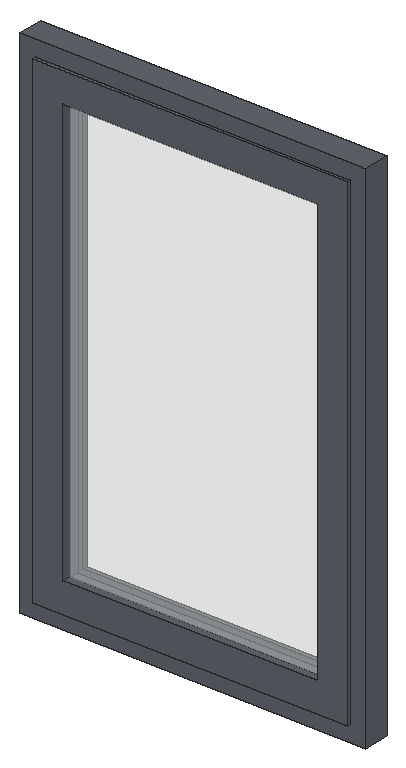
Revit family "Wicline_75_Open_in_standard_single_casement", category Windows, host Wall, Revit 2014
Parameters
  Youtube clip = ""
  Window Offset = 60 mm
  Weight Net (Kg) = 0
  Watertightness = "E900"
  Uniclass 2015 Name = ""
  Uniclass 2015 Code = ""
  Uniclass 2.0 Description = ""
  Uniclass 2.0 Code = ""
  Uniclass 1.4 Description = ""
  Uniclass 1.4 Code = ""
  URL = "http://www.wicona.com"
  UNSPSC Code = ""
  U-value W/m²k = "0.80 W/(m2K)"
  Technical description = ""
  Side Frame 1017115 = no
  Side Frame 1017104 = no
  Side Frame 1017103 = yes
  Side Frame 1017102 = no
  Side Frame 1017101 = not(or(Side Frame 1017102, Side Frame 1017103, Side Frame 1017104, Side Frame 1017115))  # no
  Resistance to wind load = "Class C5/B5"
  Repeated Opening/Closing = "Class 3 (20,000 cycles)"
  Region South America = "None"
  Region Oceania = "None"
  Region North America = "None"
  Region Middle East = "None"
  Region Europe = "AD, AL, AT, AX, BA, BE, BG, BY, CH, CS, CY, CZ, DE, DK, EE, ES, FI, FO, FR, GB, GG, GI, GR, HR, HU, IE, IM, IS, IT, JE, LI, LT, LU, LV, MC, MD, ME, MK, MT, NL, NO, PL, PT, RO, RS, RU, SE, SI, SJ, SK, SM, UA, VA, XK"
  Region Asia = "None"
  Region Antarctica = "None"
  Region Africa = "None"
  Quality Assurance = "Certified according to ISO 9001:2008"
  QR code = "http://bimobject.com/wicona/product/WICLINE_75_TOP_W"
  Product group = "Windows"
  Product family = "Windows & Doors"
  Product data url = "http://bimobject.com/wicona/product/WICLINE_75_TOP_W"
  Product certification = ""
  Product SKU = "WICLINE_75_TOP_W"
  Product Guid = "634b88b1-3b97-4f89-a69a-c855bc4c2ef3"
  Operation = "IFC_WINDOWCASEMENT"
  Operating Forces = "Class 1"
  OmniClass Description = ""
  OmniClass Code = ""
  Nominal width = 100000
  Nominal height = 130000
  NBS Reference Description = ""
  NBS Reference Code = ""
  Model = "Wicline 75 TOP"
  Mechanical Strength = "Class 4"
  Maximum Sash Weight = "150kg as standard design, heavier weights can easily be customised"
  Material secondary = "Glass"
  Material main = "Aluminium"
  Manufacturer name = "Wicona"
  Manufacturer country = "Germany"
  Manufacturer = "Wicona"
  Load Bearing Capacity of Safety Devices = "Passed"
  Leaf Width = Width - 2 * Frame Width  # 850 mm
  Leaf Material = WICONA - Aluminium - RAL7016 - Anthracite Grey - Matt
  Leaf Height = Height - 2 * Frame Width  # 1350 mm
  Installation instructions = ""
  IFC Classification = ""
  Height = 1500 mm
  Handle Material = Aluminium
  Glass Material = WICONA -  Glass
  Frame Width 2 = Frame Width - 25 mm  # 50 mm
  Frame Width = if(Frame 1017001, 48 mm, if(Frame 1017003, 55 mm, if(Frame 1017004, 65 mm, if(Frame 1017005, 75 mm, 85 mm))))  # 75 mm
  Frame Thickness = 75 mm
  Frame Material = WICONA - Aluminium - RAL7016 - Anthracite Grey - Matt
  Frame 1017006 = no
  Frame 1017005 = yes
  Frame 1017004 = no
  Frame 1017003 = no
  Frame 1017001 = not(or(Frame 1017003, Frame 1017004, Frame 1017005, Frame 1017006))  # no
  Edition number = 1
  EN1627 Burglar Resistance = "RC1N, RC2N, RC2, RC3"
  EAN code = ""
  Design country = "Germany"
  Description = "WICONA’s WICLINE 75 TOP is a window system which is equivalent to passive house standards in energy performance. It combines ease of fabrication and the unrivalled quality of conventional aluminium window systems with a 75 mm frame depth and the highest levels thermal performance from one single system."
  Default Sill Height = 800 mm
  Wall Closure = By host
  Width = 1000 mm
  Date of publishing = "3/14/2015"
  COBIe Type Category = ""
  Bullet resistance = "FB4 S, FB4 NS (depending on profile combinations)"
  BIMobject category = ""
  Air Permeability = "Class 5"
  Acoustic = "Rw (C;Ctr) = 47 (-1;-4) dB"
Reference planes
  plane 1 "Center (Front/Back)": y = 0
  plane 2 "Center (Left/Right)": x = 0
  plane 3 "Left": x = -500
  plane 4 "Right": x = 500
  plane 5 "Sill": z = 800
  plane 6 "Head": z = 2300
  plane 7 "Exterior": y = 100
  plane 8 "Interior": y = -100
  plane 9 "alap": y = 40
  plane 10: y = -35
  plane 11: x = -450
  plane 12: x = -425
  plane 13: z = 2225
  plane 14: x = 425
Forms (mm)
  Sweep 1, solid, material "WICONA - Aluminium - RAL7016 - Anthracite Grey - Matt" <- "Frame Material"
    path in 3D
      loop
        line (-500, -100, 2300) -> (500, -100, 2300) -> (500, -100, 800) -> (-500, -100, 800) -> (-500, -100, 2300)
    profile origin (-500, -100, 1550) x (0, -1, 0) y (1, 0, 0)
      loop
        line (-140, 0) -> (-65, 0) -> (-65, 50) -> (-135.5, 50) -> (-135.5, 75) -> (-140, 75) -> (-140, 0)
Lines and regions (mm)
  Opening 1
    outline origin (3500, -100, 0) x (1, 0, 0) y (0, 0, 1)
      loop
        line (-3000, 800) -> (-3000, 2300) -> (-4000, 2300) -> (-4000, 800) -> (-3000, 800)
  sketch lines
    curve 1: line (-500, -100, 800) -> (-500, -100, 2300)
    curve 2: line (-500, -100, 2300) -> (500, -100, 2300)
    curve 3: line (500, -100, 2300) -> (500, -100, 800)
    curve 4: line (500, -100, 800) -> (-500, -100, 800)
  symbolic lines, style "Windows", detail levels coarse
    curve 5: line (-425, 100, 0) -> (-425, -100, 0)
    curve 6: line (425, 100, 0) -> (425, -100, 0)
    curve 7: line (-425, -35, 0) -> (425, -35, 0)
    curve 8: line (-425, 40, 0) -> (425, 40, 0)
Text (mm)
  text "EXTERIOR" at (-1963.203, 1332.353, 0), in view "Ref. Level"
  text "INTERIOR" at (-1981.466, -818.386, 0), in view "Ref. Level"
  text "Exterior" at (0, 923.751, 2943.296), in view "Right"
  text "Exterior" at (0, 1040.484, 2685.409), in view "Left"
Dimensions and locks
  equal spacing: plane 3 "Left", plane 2 "Center (Left/Right)", plane 4 "Right"
  "Width": plane 3 "Left" to plane 4 "Right"
  "Height": plane 5 "Sill" to plane 6 "Head"
  "Default Sill Height": plane 5 "Sill" to level
  locked: plane 7 "Exterior" to host wall at 0
  locked: plane 8 "Interior" to host wall
  "Frame Thickness": plane 9 "alap" to plane 10
  "Frame Width": plane 3 "Left" to plane 12
  "Frame Width 2": plane 3 "Left" to plane 11
  "Window Offset": host wall to plane 9 "alap"
  "Frame Width": plane 14 to plane 4 "Right"
  "Frame Width": plane 13 to plane 6 "Head"
  aligned and locked: nested 1 to plane 9 "alap"
  aligned and locked: nested 2 to plane 4 "Right"
  aligned and locked: plane 9 "alap" to nested 2
  aligned and locked: profile plane to Sweep 1 sketch curve
  aligned and locked: Sweep 1 sketch curve to plane 11
  aligned and locked: Sweep 1 sketch curve to plane 12
  aligned and locked: Sweep 1 sketch curve to plane 9 "alap"
  aligned and locked: plane 10 to Sweep 1 sketch curve
  aligned and locked: Sweep 1 sketch curve to nested 1
  aligned and locked: nested 3 to plane 9 "alap"
  aligned and locked: nested 3 to plane 5 "Sill"
  aligned and locked: nested 4 to plane 6 "Head"
  aligned and locked: plane 9 "alap" to nested 4
  aligned and locked: nested 5 to plane 3 "Left"
  aligned and locked: nested 5 to plane 9 "alap"
  aligned and locked: nested 6 to plane 4 "Right"
  aligned and locked: plane 9 "alap" to nested 6
  aligned and locked: nested 7 to plane 5 "Sill"
  aligned and locked: nested 7 to plane 9 "alap"
  aligned and locked: nested 8 to plane 6 "Head"
  aligned and locked: plane 9 "alap" to nested 8
  aligned and locked: nested 9 to plane 3 "Left"
  aligned and locked: nested 9 to plane 9 "alap"
  aligned and locked: nested 10 to plane 4 "Right"
  aligned and locked: plane 9 "alap" to nested 10
  aligned and locked: nested 11 to plane 5 "Sill"
  aligned and locked: nested 11 to plane 9 "alap"
  aligned and locked: nested 12 to plane 6 "Head"
  aligned and locked: plane 9 "alap" to nested 12
  aligned and locked: nested 13 to plane 3 "Left"
  aligned and locked: nested 13 to plane 9 "alap"
  aligned and locked: nested 14 to plane 4 "Right"
  aligned and locked: plane 9 "alap" to nested 14
  aligned and locked: nested 15 to plane 5 "Sill"
  aligned and locked: nested 15 to plane 9 "alap"
  aligned and locked: nested 16 to plane 6 "Head"
  aligned and locked: plane 9 "alap" to nested 16
  aligned and locked: nested 17 to plane 3 "Left"
  aligned and locked: nested 17 to plane 9 "alap"
  aligned and locked: nested 18 to plane 4 "Right"
  aligned and locked: plane 9 "alap" to nested 18
  aligned and locked: nested 19 to plane 5 "Sill"
  aligned and locked: nested 19 to plane 9 "alap"
  aligned and locked: nested 20 to plane 6 "Head"
  aligned and locked: plane 9 "alap" to nested 20
  aligned and locked: plane 12 to nested 21
  aligned and locked: plane 9 "alap" to nested 21
  aligned and locked: nested 21 to curve 7
  aligned and locked: plane 14 to curve 7
  aligned and locked: curve 7 to plane 10
  aligned and locked: nested 21 to curve 8
  aligned and locked: plane 14 to curve 8
  aligned and locked: curve 8 to plane 9 "alap"
  aligned and locked: plane 13 to nested 21
  aligned and locked: nested 1 to plane 3 "Left"
Automatic sketch dimensions
  Opening 1 sketch curve to plane 3 "Left" = 0 mm
  Opening 1 sketch curve to plane 4 "Right" = 0 mm
  Opening 1 sketch curve to plane 5 "Sill" = 0 mm
  Opening 1 sketch curve to plane 6 "Head" = 0 mm
  host wall to curve 5 = 0 mm
  curve 5 to plane 12 = 0 mm
  host wall to curve 6 = 0 mm
  curve 6 to plane 14 = 0 mm
  curve 6 to host wall = 0 mm
  curve 5 to host wall = 0 mm
Nested families
  nested 1: "Frame_1017001" at (-500, 40, 0), visible <- "Frame 1017001", type "Frame_1017001"
  nested 2: "Frame_1017001" at (500, 40, 0) x (-1, 0, 0) z (0, 0, 1), visible <- "Frame 1017001", type "Frame_1017001"
  nested 3: "Frame_1017001" at (-500, 40, 800) x (0, 0, 1) z (-1, 0, 0), visible <- "Frame 1017001", type "Frame_1017001"
  nested 4: "Frame_1017001" at (500, 40, 2300) x (0, 0, -1) z (-1, 0, 0), visible <- "Frame 1017001", type "Frame_1017001"
  nested 5: "Frame_1017003" at (-500, 40, 0), visible <- "Frame 1017003", type "Frame_1017003"
  nested 6: "Frame_1017003" at (500, 40, 0) x (-1, 0, 0) z (0, 0, 1), visible <- "Frame 1017003", type "Frame_1017003"
  nested 7: "Frame_1017003" at (-500, 40, 800) x (0, 0, 1) z (-1, 0, 0), visible <- "Frame 1017003", type "Frame_1017003"
  nested 8: "Frame_1017003" at (-500, 40, 2300) x (0, 0, -1) z (-1, 0, 0), visible <- "Frame 1017003", type "Frame_1017003"
  nested 9: "Frame_1017004" at (-500, 40, 0), visible <- "Frame 1017004", type "Frame_1017004"
  nested 10: "Frame_1017004" at (500, 40, 0) x (-1, 0, 0) z (0, 0, 1), visible <- "Frame 1017004", type "Frame_1017004"
  nested 11: "Frame_1017004" at (-500, 40, 800) x (0, 0, 1) z (-1, 0, 0), visible <- "Frame 1017004", type "Frame_1017004"
  nested 12: "Frame_1017004" at (-500, 40, 2300) x (0, 0, -1) z (-1, 0, 0), visible <- "Frame 1017004", type "Frame_1017004"
  nested 13: "Frame_1017005" at (-500, 40, 0), visible <- "Frame 1017005", type "Frame_1017005"
  nested 14: "Frame_1017005" at (500, 40, 0) x (-1, 0, 0) z (0, 0, 1), visible <- "Frame 1017005", type "Frame_1017005"
  nested 15: "Frame_1017005" at (-500, 40, 800) x (0, 0, 1) z (-1, 0, 0), visible <- "Frame 1017005", type "Frame_1017005"
  nested 16: "Frame_1017005" at (-500, 40, 2300) x (0, 0, -1) z (-1, 0, 0), visible <- "Frame 1017005", type "Frame_1017005"
  nested 17: "Frame_1017006" at (-500, 40, 0), visible <- "Frame 1017006", type "Frame_1017006"
  nested 18: "Frame_1017006" at (500, 40, 0) x (-1, 0, 0) z (0, 0, 1), visible <- "Frame 1017006", type "Frame_1017006"
  nested 19: "Frame_1017006" at (-500, 40, 800) x (0, 0, 1) z (-1, 0, 0), visible <- "Frame 1017006", type "Frame_1017006"
  nested 20: "Frame_1017006" at (-500, 40, 2300) x (0, 0, -1) z (-1, 0, 0), visible <- "Frame 1017006", type "Frame_1017006"
  nested 21: "Leaf_Wicline75_TOP_vent" at (-425, -35, 875), type "Leaf_Wicline75_TOP_vent"
    with Leaf Width 850 mm, Leaf Height 1350 mm
Definition of nested family "Leaf_Wicline75_TOP_vent"
  Parameters (values of type "Leaf_Wicline75_TOP_vent")
    Sash Profil 1017115 = no
    Sash Profil 1017104 = no
    Sash Profil 1017103 = yes
    Sash Profil 1017102 = no
    Sash Profil 1017101 = no
    Leaf Width = 830 mm
    Leaf Material = Aluminium
    Leaf Height = 1330 mm
    Handle Material = Aluminium
    Glass Offset = if(Sash Profil 1017101, 25.6 mm, if(Sash Profil 1017102, 32.6 mm, if(Sash Profil 1017103, 42.6 mm, if(Sash Profil 1017104, 52.6 mm, if(Sash Profil 1017115, 62.6 mm, 25.6 mm)))))  # 42.6 mm
    Glass Material = Glass
  Reference planes
    plane 1 "Center (Front/Back)": y = 0
    plane 2: z = 0
    plane 3 "Center (Left/Right)": x = 0
    plane 4: x = 830
    plane 5: z = 1330
    plane 6: x = 42.6
    plane 7: x = 787.4
    plane 8: z = 1287.4
    plane 9: z = 42.6
    plane 10: y = 75
    plane 11: x = 57.6
    plane 12: z = 600
    plane 13: x = 21.3
  Forms (mm)
    Sweep 1, solid, material "Aluminium" <- "Leaf Material", detail levels medium+fine
      path origin (0, 0, 0) x (1, 0, 0) y (0, 0, 1)
        loop
          line (0, 0) -> (830, 0) -> (830, 1330) -> (0, 1330) -> (0, 0)
      profile origin (0, 0, 665) x (-1, 0, 0) y (0, -1, 0)
        loop
          line (29.607, 10) -> (-57.6, 10) -> (-57.6, -13.5) -> (-42.6, -13.5) -> (-42.6, -61.5) -> (-57.6, -61.5) -> (-57.6, -75) -> (0, -75) -> (0, -52.5) -> (7.85, -52.5) -> (7.85, 0) -> (29.607, 0) -> (29.607, 10)
    Extrusion 2, solid, material "Glass" <- "Glass Material", detail levels medium+fine
      sketch origin (0, 0, 0) x (1, 0, 0) y (0, 0, 1)
        loop
          line (42.6, 1287.4) -> (42.6, 42.6) -> (787.4, 42.6) -> (787.4, 1287.4) -> (42.6, 1287.4)
      from -61.5 to -13.5
  Lines and regions (mm)
    symbolic lines, style "GenericModel", detail levels medium+fine
      curve 1: line (57.6, 75, 0) -> (772.4, 75, 0)
      curve 2: line (57.6, -10, 0) -> (772.4, -10, 0)
      curve 3: line (0, -10, 1287.4) -> (0, -10, 42.6)
      curve 4: line (0, 75, 1287.4) -> (0, 75, 42.6)
      curve 5: line (42.6, 56.5, 0) -> (787.4, 56.5, 0)
      curve 6: line (42.6, 40.5, 0) -> (787.4, 40.5, 0)
      curve 7: line (42.6, 35.5, 0) -> (787.4, 35.5, 0)
      curve 8: line (42.6, 19.5, 0) -> (787.4, 19.5, 0)
      curve 9: line (0, 19.5, 1287.4) -> (0, 19.5, 42.6)
      curve 10: line (0, 35.5, 1287.4) -> (0, 35.5, 42.6)
      curve 11: line (0, 40.5, 1287.4) -> (0, 40.5, 42.6)
      curve 12: line (0, 56.5, 1287.4) -> (0, 56.5, 42.6)
      curve 13: line (0, 61.5, 1287.4) -> (0, 61.5, 42.6)
      curve 14: line (0, 13.5, 1287.4) -> (0, 13.5, 42.6)
      curve 15: line (42.6, 61.5, 0) -> (787.4, 61.5, 0)
      curve 16: line (42.6, 13.5, 0) -> (787.4, 13.5, 0)
  Dimensions and locks
    "Leaf Width": plane 3 "Center (Left/Right)" to plane 4
    "Leaf Height": plane 5 to level
    "Glass Offset": plane 3 "Center (Left/Right)" to plane 6
    "Glass Offset": plane 7 to plane 4
    "Glass Offset": plane 5 to plane 8
    "Glass Offset": plane 9 to level
    locked: plane 10 to plane 1 "Center (Front/Back)" at 75
    locked: plane 6 to plane 11 at 15
    equal spacing: plane 6, plane 13, plane 3 "Center (Left/Right)"
    level to plane 12 = 600 mm
    plane 12 to level = 600 mm
    aligned and locked: level to plane 2
    aligned and locked: plane 1 "Center (Front/Back)" to nested 1
    aligned and locked: plane 3 "Center (Left/Right)" to nested 1
    aligned and locked: plane 8 to Extrusion 2
    aligned and locked: Extrusion 2 to plane 9
    aligned and locked: Extrusion 2 to plane 6
    aligned and locked: plane 7 to Extrusion 2
    aligned and locked: Extrusion 2 to Sweep 1  (x2)
    aligned and locked: Sweep 1 to curve 1
    aligned and locked: curve 1 to Sweep 1  (x2)
    aligned and locked: Sweep 1 to curve 2  (x2)
    aligned and locked: curve 2 to Sweep 1
    aligned and locked: nested 3 to plane 5
    aligned and locked: plane 10 to nested 3
    aligned and locked: nested 4 to level
    aligned and locked: nested 4 to plane 10
    aligned and locked: plane 8 to curve 3
    aligned and locked: plane 8 to curve 4
    aligned and locked: plane 9 to curve 3
    aligned and locked: plane 9 to curve 4
    aligned and locked: Sweep 1 to curve 3
    aligned and locked: curve 4 to Sweep 1
    aligned and locked: plane 10 to nested 6
    aligned and locked: plane 4 to nested 6
    aligned and locked: nested 2 to plane 10
    aligned and locked: plane 4 to nested 2
    aligned and locked: plane 10 to nested 7
    aligned and locked: plane 3 "Center (Left/Right)" to nested 7
    aligned and locked: nested 8 to plane 10
    aligned and locked: plane 4 to nested 8
    aligned and locked: plane 10 to nested 9
    aligned and locked: plane 3 "Center (Left/Right)" to nested 9
    aligned and locked: nested 10 to plane 10
    aligned and locked: plane 4 to nested 10
    aligned and locked: plane 10 to nested 11
    aligned and locked: plane 3 "Center (Left/Right)" to nested 11
    aligned and locked: nested 12 to plane 10
    aligned and locked: plane 4 to nested 12
    aligned and locked: Sweep 1 sketch curve to plane 11  (x2)
    aligned and locked: nested 13 to plane 5
    aligned and locked: nested 13 to plane 10
    aligned and locked: nested 14 to plane 2
    aligned and locked: plane 10 to nested 14
    aligned and locked: nested 15 to plane 5
    aligned and locked: plane 10 to nested 15
    aligned and locked: nested 16 to plane 2
    aligned and locked: nested 16 to plane 10
    aligned and locked: nested 17 to plane 5
    aligned and locked: plane 10 to nested 17
    aligned and locked: nested 18 to plane 2
    aligned and locked: nested 18 to plane 10
    aligned and locked: nested 19 to plane 5
    aligned and locked: plane 10 to nested 19
    aligned and locked: nested 20 to plane 2
    aligned and locked: nested 20 to plane 10
    aligned and locked: Sweep 1 sketch curve to plane 6
    aligned and locked: plane 6 to curve 5
    aligned and locked: plane 6 to curve 6
    aligned and locked: plane 6 to curve 7
    aligned and locked: plane 6 to curve 8
    aligned and locked: curve 8 to nested 11
    aligned and locked: curve 7 to nested 11
    aligned and locked: plane 7 to curve 8
    aligned and locked: plane 7 to curve 7
    aligned and locked: plane 7 to curve 6
    aligned and locked: plane 7 to curve 5
    aligned and locked: curve 6 to nested 11
    aligned and locked: curve 5 to nested 11
    aligned and locked: plane 8 to curve 12
    aligned and locked: plane 8 to curve 11
    aligned and locked: plane 8 to curve 10
    aligned and locked: plane 8 to curve 9
    aligned and locked: plane 9 to curve 9
    aligned and locked: plane 9 to curve 10
    aligned and locked: plane 9 to curve 11
    aligned and locked: plane 9 to curve 12
    aligned and locked: curve 9 to nested 19
    aligned and locked: curve 10 to nested 19
    aligned and locked: curve 11 to nested 19
    aligned and locked: curve 12 to nested 19
    aligned and locked: plane 8 to curve 13
    aligned and locked: plane 8 to curve 14
    aligned and locked: plane 9 to curve 13
    aligned and locked: plane 9 to curve 14
    aligned and locked: curve 14 to Extrusion 2
    aligned and locked: curve 13 to Extrusion 2
    aligned and locked: plane 6 to curve 15
    aligned and locked: plane 7 to curve 15
    aligned and locked: plane 7 to curve 16
    aligned and locked: plane 6 to curve 16
    aligned and locked: curve 16 to Extrusion 2
    aligned and locked: curve 15 to Extrusion 2
    aligned and locked: plane 1 "Center (Front/Back)" to nested 21
    aligned and locked: nested 21 to plane 13
    aligned and locked: nested 21 to plane 12
  Automatic sketch dimensions
    Sweep 1 sketch curve to plane 3 "Center (Left/Right)" = 0 mm
    Sweep 1 sketch curve to level = 0 mm
    Sweep 1 sketch curve to plane 4 = 0 mm
    Sweep 1 sketch curve to plane 5 = 0 mm
    Sweep 1 sketch curve to profile plane = 0 mm
    plane 1 "Center (Front/Back)" to Sweep 1 sketch curve = 0 mm
    Sweep 1 sketch curve to profile plane = 7.85 mm
    Sweep 1 sketch curve to Sweep 1 sketch curve = 21.757 mm
    Sweep 1 sketch curve to plane 1 "Center (Front/Back)" = 13.5 mm
    Sweep 1 sketch curve to plane 1 "Center (Front/Back)" = 52.5 mm
    Sweep 1 sketch curve to Sweep 1 sketch curve = 48 mm
    Sweep 1 sketch curve to Sweep 1 sketch curve = 22.5 mm
    plane 1 "Center (Front/Back)" to Sweep 1 sketch curve = 10 mm
    Extrusion 2 sketch curve to plane 6 = 0 mm
    Extrusion 2 sketch curve to plane 7 = 0 mm
    Extrusion 2 sketch curve to plane 9 = 0 mm
    Extrusion 2 sketch curve to plane 8 = 0 mm
    curve 9 to plane 1 "Center (Front/Back)" = 19.5 mm
    curve 9 to curve 10 = 16 mm
    curve 10 to curve 11 = 5 mm
    curve 11 to curve 12 = 16 mm
  Nested families
    nested 1: "Sash_1017101" at (0, 0, 0), visible <- "Sash Profil 1017101", type "Sash_1017101"
    nested 2: "Sash_1017101" at (830, 0, 0) x (-1, 0, 0) z (0, 0, 1), visible <- "Sash Profil 1017101", type "Sash_1017101"
    nested 3: "Sash_1017101" at (0, 0, 1330) x (0, 0, -1) z (1, 0, 0), visible <- "Sash Profil 1017101", type "Sash_1017101"
    nested 4: "Sash_1017101" at (0, 0, 0) x (0, 0, 1) z (1, 0, 0), visible <- "Sash Profil 1017101", type "Sash_1017101"
    nested 5: "Sash_1017102" at (0, 0, 0), visible <- "Sash Profil 1017102", type "Sash_1017102", detail levels medium+fine
    nested 6: "Sash_1017102" at (830, 0, 0) x (-1, 0, 0) z (0, 0, 1), visible <- "Sash Profil 1017102", type "Sash_1017102", detail levels medium+fine
    nested 7: "Sash_1017103" at (0, 0, 0), visible <- "Sash Profil 1017103", type "Sash_1017103"
    nested 8: "Sash_1017103" at (830, 0, 0) x (-1, 0, 0) z (0, 0, 1), visible <- "Sash Profil 1017103", type "Sash_1017103"
    nested 9: "Sash_1017104" at (0, 0, 0), visible <- "Sash Profil 1017104", type "Sash_1017104"
    nested 10: "Sash_1017104" at (830, 0, 0) x (-1, 0, 0) z (0, 0, 1), visible <- "Sash Profil 1017104", type "Sash_1017104"
    nested 11: "Sash_1017115" at (0, 0, 0), visible <- "Sash Profil 1017115", type "Sash_1017115"
    nested 12: "Sash_1017115" at (830, 0, 0) x (-1, 0, 0) z (0, 0, 1), visible <- "Sash Profil 1017115", type "Sash_1017115"
    nested 13: "Sash_1017102" at (0, 0, 1330) x (0, 0, -1) z (1, 0, 0), visible <- "Sash Profil 1017102", type "Sash_1017102"
    nested 14: "Sash_1017102" at (0, 0, 0) x (0, 0, 1) z (1, 0, 0), visible <- "Sash Profil 1017102", type "Sash_1017102"
    nested 15: "Sash_1017103" at (0, 0, 1330) x (0, 0, -1) z (1, 0, 0), visible <- "Sash Profil 1017103", type "Sash_1017103"
    nested 16: "Sash_1017103" at (0, 0, 0) x (0, 0, 1) z (1, 0, 0), visible <- "Sash Profil 1017103", type "Sash_1017103"
    nested 17: "Sash_1017104" at (0, 0, 1330) x (0, 0, -1) z (1, 0, 0), visible <- "Sash Profil 1017104", type "Sash_1017104"
    nested 18: "Sash_1017104" at (0, 0, 0) x (0, 0, 1) z (1, 0, 0), visible <- "Sash Profil 1017104", type "Sash_1017104"
    nested 19: "Sash_1017115" at (0, 0, 1330) x (0, 0, -1) z (1, 0, 0), visible <- "Sash Profil 1017115", type "Sash_1017115"
    nested 20: "Sash_1017115" at (0, 0, 0) x (0, 0, 1) z (1, 0, 0), visible <- "Sash Profil 1017115", type "Sash_1017115"
    nested 21: "Handle_door_3" at (21.3, 0, 600), type "Handle_door_3"
  Definition of nested family "Sash_1017101"
    Reference planes
      plane 1 "Center (Front/Back)": y = 0
      plane 2: z = 0
      plane 3 "Center (Left/Right)": x = 0
      plane 4: y = 75
    Lines and regions (mm)
      Filled region 1, type "Concrete", in view "Ref. Level", detail levels medium
        outline origin (0, 75, 0) x (1, 0, 0) y (0, 1, 0)
          loop
            line (0, 0) -> (0, -22.5) -> (-7.85, -22.5) -> (-7.85, -75) -> (-29.607, -75) -> (-29.607, -85) -> (40.6, -85) -> (40.6, -61.5) -> (25.6, -61.5) -> (25.6, -13.5) -> (40.6, -13.5) -> (40.6, 0) -> (0, 0)
      detail lines, style "GLAS", in view "Ref. Level", detail levels fine
        curve 1: line (25.6, 13.5, 0) -> (25.6, 61.5, 0)
        curve 2: line (25.6, 56.5, 0) -> (65.6, 56.5, 0)
        curve 3: line (35.6, 56.5, 0) -> (35.6, 40.5, 0)
        curve 4: line (25.6, 40.5, 0) -> (65.6, 40.5, 0)
        curve 5: line (25.6, 35.5, 0) -> (65.6, 35.5, 0)
        curve 6: line (35.6, 35.5, 0) -> (35.6, 19.5, 0)
        curve 7: line (25.6, 19.5, 0) -> (65.6, 19.5, 0)
        curve 8: line (65.6, 61.5, 0) -> (25.6, 61.5, 0)
        curve 9: line (25.6, 13.5, 0) -> (65.6, 13.5, 0)
  Definition of nested family "Sash_1017102"
    Reference planes
      plane 1 "Center (Front/Back)": y = 0
      plane 2: z = 0
      plane 3 "Center (Left/Right)": x = 0
      plane 4: y = 75
    Lines and regions (mm)
      Filled region 1, type "Concrete", in view "Ref. Level", detail levels medium
        outline origin (0, 75, 0) x (1, 0, 0) y (0, 1, 0)
          loop
            line (0, 0) -> (0, -22.509) -> (-7.9, -22.509) -> (-7.9, -75) -> (-29.4, -75) -> (-29.4, -85) -> (47.6, -85) -> (47.6, -61.5) -> (32.6, -61.5) -> (32.6, -13.5) -> (47.6, -13.5) -> (47.6, 0) -> (0, 0)
      detail lines, style "GLAS", in view "Ref. Level"
        curve 1: line (32.6, 18.5, 0) -> (32.6, 13.5, 0)
        curve 2: line (32.6, 39.5, 0) -> (32.6, 34.5, 0)
        curve 3: line (32.6, 61.5, 0) -> (32.6, 55.5, 0)
      detail lines, style "GLAS", in view "Ref. Level", detail levels fine
        curve 4: line (32.6, 13.5, 0) -> (32.6, 61.5, 0)
        curve 9: line (32.6, 56.5, 0) -> (72.6, 56.5, 0)
        curve 10: line (42.6, 56.5, 0) -> (42.6, 40.5, 0)
        curve 11: line (32.6, 40.5, 0) -> (72.6, 40.5, 0)
        curve 12: line (32.6, 35.5, 0) -> (72.6, 35.5, 0)
        curve 13: line (42.6, 35.5, 0) -> (42.6, 19.5, 0)
        curve 14: line (32.6, 19.5, 0) -> (72.6, 19.5, 0)
        curve 15: line (72.6, 61.5, 0) -> (32.6, 61.5, 0)
        curve 16: line (32.6, 13.5, 0) -> (72.6, 13.5, 0)
      detail lines, style "GLAS", in view "Ref. Level", not visible
        curve 5: line (-38.418, -68.185, 0) -> (-38.418, -73.185, 0)
        curve 6: line (-38.418, -47.185, 0) -> (-38.418, -52.185, 0)
        curve 7: line (-38.418, -25.185, 0) -> (-38.418, -31.185, 0)
      detail lines, style "GLAS", in view "Ref. Level", not visible, detail levels fine
        curve 8: line (-38.418, -73.185, 0) -> (-38.418, -25.185, 0)
  Definition of nested family "Sash_1017103"
    Reference planes
      plane 1 "Center (Front/Back)": y = 0
      plane 2: z = 0
      plane 3 "Center (Left/Right)": x = 0
      plane 4: y = 75
    Lines and regions (mm)
      Filled region 1, type "Concrete", in view "Ref. Level", detail levels medium
        outline origin (0, 75, 0) x (1, 0, 0) y (0, 1, 0)
          loop
            line (0, 0) -> (0, -22.509) -> (-7.9, -22.509) -> (-7.9, -75) -> (-29.4, -75) -> (-29.4, -85) -> (57.6, -85) -> (57.6, -61.5) -> (42.6, -61.5) -> (42.6, -13.5) -> (57.6, -13.5) -> (57.6, 0) -> (0, 0)
      detail lines, style "GLAS", in view "Ref. Level", detail levels fine
        curve 1: line (42.6, 13.5, 0) -> (42.6, 61.5, 0)
        curve 2: line (42.6, 56.5, 0) -> (82.6, 56.5, 0)
        curve 3: line (52.6, 56.5, 0) -> (52.6, 40.5, 0)
        curve 4: line (42.6, 40.5, 0) -> (82.6, 40.5, 0)
        curve 5: line (42.6, 35.5, 0) -> (82.6, 35.5, 0)
        curve 6: line (52.6, 35.5, 0) -> (52.6, 19.5, 0)
        curve 7: line (42.6, 19.5, 0) -> (82.6, 19.5, 0)
        curve 8: line (82.6, 61.5, 0) -> (42.6, 61.5, 0)
        curve 9: line (42.6, 13.5, 0) -> (82.6, 13.5, 0)
  Definition of nested family "Sash_1017104"
    Reference planes
      plane 1 "Center (Front/Back)": y = 0
      plane 2: z = 0
      plane 3 "Center (Left/Right)": x = 0
      plane 4: y = 75
    Lines and regions (mm)
      Filled region 1, type "Concrete", in view "Ref. Level", detail levels medium
        outline origin (0, 75, 0) x (1, 0, 0) y (0, 1, 0)
          loop
            line (0, 0) -> (0, -22.509) -> (-7.9, -22.509) -> (-7.9, -75) -> (-29.4, -75) -> (-29.4, -85) -> (67.6, -85) -> (67.6, -61.5) -> (52.6, -61.5) -> (52.6, -13.5) -> (67.6, -13.5) -> (67.6, 0) -> (0, 0)
      detail lines, style "GLAS", in view "Ref. Level", detail levels fine
        curve 1: line (52.6, 13.5, 0) -> (52.6, 61.5, 0)
        curve 2: line (52.6, 56.5, 0) -> (92.6, 56.5, 0)
        curve 3: line (62.6, 56.5, 0) -> (62.6, 40.5, 0)
        curve 4: line (52.6, 40.5, 0) -> (92.6, 40.5, 0)
        curve 5: line (52.6, 35.5, 0) -> (92.6, 35.5, 0)
        curve 6: line (62.6, 35.5, 0) -> (62.6, 19.5, 0)
        curve 7: line (52.6, 19.5, 0) -> (92.6, 19.5, 0)
        curve 8: line (92.6, 61.5, 0) -> (52.6, 61.5, 0)
        curve 9: line (52.6, 13.5, 0) -> (92.6, 13.5, 0)
  Definition of nested family "Sash_1017115"
    Reference planes
      plane 1 "Center (Front/Back)": y = 0
      plane 2: z = 0
      plane 3 "Center (Left/Right)": x = 0
      plane 4: y = 75
    Lines and regions (mm)
      Filled region 1, type "Concrete", in view "Ref. Level", detail levels medium
        outline origin (0, 75, 0) x (1, 0, 0) y (0, 1, 0)
          loop
            line (0, 0) -> (0, -22.509) -> (-7.9, -22.509) -> (-7.9, -75) -> (-29.4, -75) -> (-29.4, -85) -> (77.6, -85) -> (77.6, -61.5) -> (62.6, -61.5) -> (62.6, -13.5) -> (77.6, -13.5) -> (77.6, 0) -> (0, 0)
      detail lines, style "GLAS", in view "Ref. Level", detail levels fine
        curve 1: line (62.6, 13.5, 0) -> (62.6, 61.5, 0)
        curve 2: line (62.6, 56.5, 0) -> (102.6, 56.5, 0)
        curve 3: line (72.6, 56.5, 0) -> (72.6, 40.5, 0)
        curve 4: line (62.6, 40.5, 0) -> (102.6, 40.5, 0)
        curve 5: line (62.6, 35.5, 0) -> (102.6, 35.5, 0)
        curve 6: line (72.6, 35.5, 0) -> (72.6, 19.5, 0)
        curve 7: line (62.6, 19.5, 0) -> (102.6, 19.5, 0)
        curve 8: line (102.6, 61.5, 0) -> (62.6, 61.5, 0)
        curve 9: line (62.6, 13.5, 0) -> (102.6, 13.5, 0)
Definition of nested family "Frame_1017001"
  Reference planes
    plane 1 "Center (Front/Back)": y = 0
    plane 2: z = 0
    plane 3 "Center (Left/Right)": x = 0
  Lines and regions (mm)
    Filled region 1, type "Concrete", in view "Ref. Level", detail levels medium
      outline origin (0, 0, 0) x (1, 0, 0) y (0, 1, 0)
        loop
          line (0, 0) -> (0, -75) -> (23, -75) -> (23, -4.5) -> (48, -4.5) -> (48, 0) -> (0, 0)
  Dimensions and locks
    aligned and locked: import instance to plane 1 "Center (Front/Back)"
    aligned and locked: plane 3 "Center (Left/Right)" to import instance
Definition of nested family "Frame_1017003"
  Reference planes
    plane 1 "Center (Front/Back)": y = 0
    plane 2: z = 0
    plane 3 "Center (Left/Right)": x = 0
  Lines and regions (mm)
    Filled region 1, type "Concrete", in view "Ref. Level", detail levels medium
      outline origin (0, 0, 0) x (1, 0, 0) y (0, 1, 0)
        loop
          line (0, 0) -> (0, -75) -> (30, -75) -> (30, -4.5) -> (55, -4.5) -> (55, 0) -> (0, 0)
  Dimensions and locks
    aligned and locked: plane 3 "Center (Left/Right)" to import instance
Definition of nested family "Frame_1017004"
  Reference planes
    plane 1 "Center (Front/Back)": y = 0
    plane 2: z = 0
    plane 3 "Center (Left/Right)": x = 0
  Lines and regions (mm)
    Filled region 1, type "Concrete", in view "Ref. Level", detail levels medium
      outline origin (0, 0, 0) x (1, 0, 0) y (0, 1, 0)
        loop
          line (0, 0) -> (0, -75) -> (40, -75) -> (40, -4.5) -> (65, -4.5) -> (65, 0) -> (0, 0)
  Dimensions and locks
    aligned and locked: plane 3 "Center (Left/Right)" to import instance
Definition of nested family "Frame_1017005"
  Reference planes
    plane 1 "Center (Front/Back)": y = 0
    plane 2: z = 0
    plane 3 "Center (Left/Right)": x = 0
  Lines and regions (mm)
    Filled region 1, type "Concrete", in view "Ref. Level", detail levels medium
      outline origin (0, 0, 0) x (1, 0, 0) y (0, 1, 0)
        loop
          line (0, 0) -> (0, -75) -> (50, -75) -> (50, -4.5) -> (75, -4.5) -> (75, 0) -> (0, 0)
  Dimensions and locks
    aligned and locked: plane 3 "Center (Left/Right)" to import instance
Definition of nested family "Frame_1017006"
  Reference planes
    plane 1 "Center (Front/Back)": y = 0
    plane 2: z = 0
    plane 3 "Center (Left/Right)": x = 0
  Lines and regions (mm)
    Filled region 1, type "Concrete", in view "Ref. Level", detail levels medium
      outline origin (0, 0, 0) x (1, 0, 0) y (0, 1, 0)
        loop
          line (0, 0) -> (0, -75) -> (60, -75) -> (60, -4.5) -> (85, -4.5) -> (85, 0) -> (0, 0)
  Dimensions and locks
    aligned and locked: plane 3 "Center (Left/Right)" to import instance
